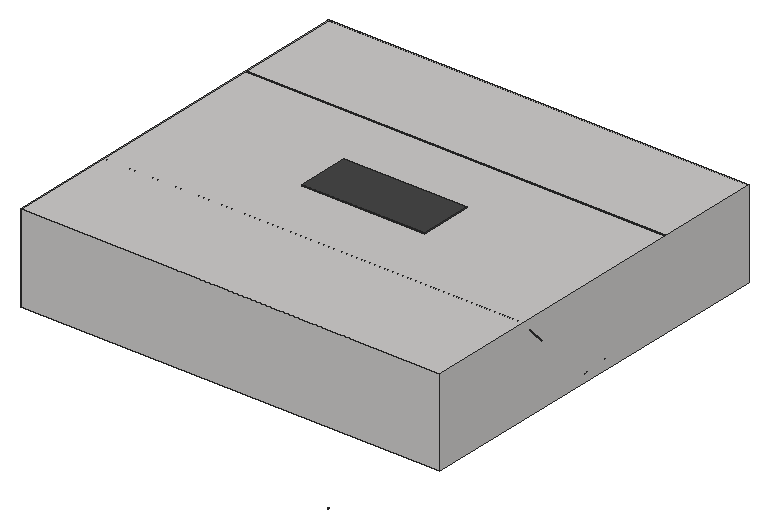
Revit family "QF_ELECTROLUXPROFESSIONAL_642044_EC2224T", category Specialty Equipment, Revit 2014
Reference planes
  plane 1: z = 0
  plane 2 "Center (Left/Right)": x = 150
  plane 3 "LEFT": x = -1050
  plane 4 "RIGHT": x = 1350
  plane 5 "BACK": y = 550
  plane 6 "TOP": z = 2500
  plane 7 "Base": z = 2000
  plane 8: z = 1946
  plane 9: x = -1047
  plane 10 "DrainX": x = 1199
  plane 11 "AOLeft2": x = 500
  plane 12: x = 1347
  plane 13: x = -850
  plane 14: x = 1150
  plane 15: x = 50
  plane 16: x = 250
  plane 17 "AOLeft1": x = -200
  plane 18: y = -400
  plane 19: through (0, -127.846, 2402.468) normal (0, -0.753, 0.6581)
  plane 20: through (0, -972.152, 2402.468) normal (0, -0.753, -0.6581)
  plane 21: y = -700
  plane 22 "Center (Front/Back)": y = -550
  plane 23: y = -1650
Forms (mm)
  Extrusion 1, solid, material "QF_Finishes_Stainless Steel"
    sketch origin (-1050, 0, 360) x (0, 1, 0) y (0, 0, 1)
      loop
        line (550, 1640) -> (550, 2140) -> (-1650, 2140) -> (-1650, 1640) -> (550, 1640)
    from 0 to 3
  Extrusion 2, solid, material "QF_Finishes_Stainless Steel"
    sketch origin (1350, 0, 360) x (0, 1, 0) y (0, 0, 1)
      loop
        line (550, 1640) -> (550, 2140) -> (-1650, 2140) -> (-1650, 1640) -> (550, 1640)
    from 0 to -3
  Extrusion 3, solid, material "QF_Finishes_Stainless Steel"
    sketch origin (150, 0, 360) x (0, 1, 0) y (0, 0, 1)
      loop
        line (-1650, 2140) -> (-1650, 1640) -> (-1640, 1640) -> (-1640, 1640.8) -> (-1649.2, 1640.8) -> (-1649.2, 2139.19) -> (549.2, 2139.19) -> (549.2, 1640.8) -> (540, 1640.8) -> (540, 1640) -> (550, 1640) -> (550, 2140) -> (-1650, 2140)
    from -1200 to 1200
  Extrusion 4, solid, material "QF_Finishes_Black"
    sketch origin (0, 0, 2500) x (0, 1, 0) y (-1, 0, 0)
      loop
        line (-400, -500) -> (-400, 200) -> (-700, 200) -> (-700, -500) -> (-400, -500)
    from 5 to 0
  Extrusion 5, solid, material "QF_Finishes_Stainless Steel"
    sketch origin (0, 0, 0) x (1, 0, 0) y (0, 1, 0)
      loop
        line (-1050, 550) -> (-1050, 549) -> (-1049, 549) -> (-1049, 550) -> (-1050, 550)
    from 0 to 1
  Extrusion 6, solid, material "QF_Finishes_Stainless Steel"
    sketch origin (150, -400, 360) x (0, 1, 0) y (0, 0, 1)
      loop
        line (-79.471, 1685.734) -> (-56.882, 1665.992) -> (272.154, 2042.468) -> (249.566, 2062.21) -> (-79.471, 1685.734)
      loop
        line (-572.152, 2042.468) -> (-243.115, 1665.992) -> (-220.526, 1685.734) -> (-549.563, 2062.21) -> (-572.152, 2042.468)
    from -1000 to -1197
  Extrusion 7, solid, material "QF_Finishes_Stainless Steel"
    sketch origin (150, -400, 360) x (0, 1, 0) y (0, 0, 1)
      loop
        line (360.354, 2141.454) -> (357.903, 2143.511) -> (264.331, 2031.996) -> (266.169, 2030.453) -> (357.41, 2139.19) -> (358.454, 2139.19) -> (360.354, 2141.454)
      loop
        line (-560.354, 2022.279) -> (-557.903, 2024.336) -> (-564.331, 2031.996) -> (-566.169, 2030.453) -> (-657.41, 2139.19) -> (-658.454, 2139.19) -> (-560.354, 2022.279)
      loop
        arc (-83.944, 1704.554) -> (-84.545, 1704.706) -> (-85.077, 1704.389) r 0.81
        line (-85.077, 1704.389) -> (-99.535, 1684.991) -> (-116.611, 1687.002) -> (-113.609, 1712.615) -> (-114.407, 1712.708) -> (-117.406, 1687.095)
        arc (-117.406, 1687.095) -> (-117.237, 1686.499) -> (-116.695, 1686.197) r 0.81
        line (-116.695, 1686.197) -> (-99.628, 1684.196)
        arc (-99.628, 1684.196) -> (-99.213, 1684.257) -> (-98.884, 1684.517) r 0.81
        line (-98.884, 1684.517) -> (-84.436, 1703.911) -> (-73.692, 1695.919) -> (-99.855, 1660.79) -> (-200.145, 1660.79) -> (-226.308, 1695.919) -> (-215.564, 1703.911) -> (-201.116, 1684.517)
        arc (-201.116, 1684.517) -> (-200.787, 1684.257) -> (-200.372, 1684.196) r 0.81
        line (-200.372, 1684.196) -> (-183.305, 1686.197)
        arc (-183.305, 1686.197) -> (-182.763, 1686.499) -> (-182.594, 1687.095) r 0.81
        line (-182.594, 1687.095) -> (-185.593, 1712.708) -> (-186.391, 1712.615) -> (-183.389, 1687.002) -> (-200.465, 1684.991) -> (-214.923, 1704.389)
        arc (-214.923, 1704.389) -> (-215.455, 1704.706) -> (-216.056, 1704.554) r 0.81
        line (-216.056, 1704.554) -> (-226.786, 1696.561)
        arc (-226.786, 1696.561) -> (-227.103, 1696.028) -> (-226.951, 1695.427) r 0.81
        line (-226.951, 1695.427) -> (-200.843, 1660.381)
        arc (-200.843, 1660.381) -> (-200.5, 1660.093) -> (-200.063, 1659.99) r 0.972
        line (-200.063, 1659.99) -> (-99.951, 1659.99)
        arc (-99.951, 1659.99) -> (-99.502, 1660.096) -> (-99.149, 1660.393) r 1
        line (-99.149, 1660.393) -> (-73.049, 1695.427)
        arc (-73.049, 1695.427) -> (-72.897, 1696.028) -> (-73.214, 1696.561) r 0.81
        line (-73.214, 1696.561) -> (-83.944, 1704.554)
    from -1197 to 1197
  Extrusion 8, solid, material "QF_Finishes_Stainless Steel"
    sketch origin (150, -400, 360) x (0, 1, 0) y (0, 0, 1)
      loop
        line (272.154, 2042.468) -> (249.566, 2062.21) -> (-79.471, 1685.734) -> (-56.882, 1665.992) -> (272.154, 2042.468)
      loop
        line (-572.154, 2042.468) -> (-243.118, 1665.992) -> (-220.529, 1685.734) -> (-549.566, 2062.21) -> (-572.154, 2042.468)
    from 1197 to 1000
  Extrusion 9, solid, material "QF_Finishes_Stainless Steel"
    sketch origin (150, -400, 360) x (0, 1, 0) y (0, 0, 1)
      loop
        line (272.154, 2042.468) -> (249.566, 2062.21) -> (-79.471, 1685.734) -> (-56.882, 1665.992) -> (272.154, 2042.468)
      loop
        line (-572.154, 2042.468) -> (-243.118, 1665.992) -> (-220.529, 1685.734) -> (-549.566, 2062.21) -> (-572.154, 2042.468)
    from -100 to 100
  Extrusion 10, solid, material "QF_Finished_Chrome"
    sketch origin (150, -400, 360) x (0, 1, 0) y (0, 0, 1)
      loop
        line (249.566, 2062.21) -> (-79.471, 1685.734) -> (-56.882, 1665.992) -> (272.154, 2042.468) -> (249.566, 2062.21)
      loop
        line (-549.566, 2062.21) -> (-572.154, 2042.468) -> (-243.118, 1665.992) -> (-220.529, 1685.734) -> (-549.566, 2062.21)
    from -1000 to -100
  Extrusion 11, solid, material "QF_Finished_Chrome"
    sketch origin (150, -400, 360) x (0, 1, 0) y (0, 0, 1)
      loop
        line (272.154, 2042.468) -> (249.566, 2062.21) -> (-79.471, 1685.734) -> (-56.882, 1665.992) -> (272.154, 2042.468)
      loop
        line (-572.154, 2042.468) -> (-243.118, 1665.992) -> (-220.529, 1685.734) -> (-549.566, 2062.21) -> (-572.154, 2042.468)
    from 100 to 1000
  Sweep 12, solid, material "QF_Finishes_Stainless Steel"
    path origin (0, 0, 0) x (1, 0, 0) y (0, 1, 0)
      loop
        line (1350, 550) -> (-1050, 550) -> (-1050, -1650) -> (1350, -1650) -> (1350, 550)
    profile origin (1350, -550, 0) x (1, 0, 0) y (0, 0, 1)
      loop
        line (-3, 2000) -> (-3, 2000.8) -> (-19, 2000.8) -> (-19, 2010) -> (-20, 2010) -> (-20, 2000) -> (-3, 2000)
  Extrusion 13, solid, material "QF_Finishes_Stainless Steel"
    sketch origin (1199, 0, 0) x (0, 1, 0) y (0, 0, 1)
      loop
        arc (-518.5, 1946) -> (-511.429, 1948.929) -> (-508.5, 1956) r 10
        line (-508.5, 1956) -> (-508.5, 2000.8) -> (-591.5, 2000.8) -> (-591.5, 1956)
        arc (-591.5, 1956) -> (-588.571, 1948.929) -> (-581.5, 1946) r 10
        line (-581.5, 1946) -> (-518.5, 1946)
    from -90 to 90
  Extrusion 14, solid, material "QF_Finishes_Stainless Steel"
    sketch origin (0, -1100, 2000) x (0, 1, 0) y (-1, 0, 0)
      loop
        circle (550, -1199) r 6.35
    from -3.799 to 0
Cuts and joins
  joined: Extrusion 2, Extrusion 3, Sweep 12
Lines and regions (mm)
  symbolic lines, style "SpecialityEquipment", detail levels coarse
    curve 1: line (1350, 550, 2500) -> (-1050, 550, 2500)
    curve 2: line (-1050, 550, 2500) -> (-1050, -1640, 2500)
    curve 3: line (1350, -1650, 2500) -> (1350, 550, 2500)
    curve 4: line (-1050, 550, 0) -> (1350, -1650, 0)
    curve 5: line (1350, 550, 0) -> (-1047, -1650, 0)
  symbolic lines, detail levels coarse
    curve 6: line (-1047, -1650, 0) -> (1350, -1650, 0)
    curve 7: line (-200, -700, 0) -> (500, -700, 0)
    curve 8: line (-200, -400, 0) -> (-200, -700, 0)
    curve 9: line (500, -400, 0) -> (-200, -400, 0)
    curve 10: line (500, -700, 0) -> (500, -400, 0)
    curve 11: line (-1047, -660.798, 0) -> (1347, -660.798, 0)
Dimensions and locks
  plane 3 "LEFT" to plane 4 "RIGHT" = 2400 mm
  equal spacing: plane 3 "LEFT", plane 2 "Center (Left/Right)", plane 4 "RIGHT"
  plane 3 "LEFT" to plane 9 = 3 mm
  plane 10 "DrainX" to plane 4 "RIGHT" = 151 mm
  plane 12 to plane 4 "RIGHT" = 3 mm
  plane 3 "LEFT" to plane 13 = 200 mm
  plane 14 to plane 4 "RIGHT" = 200 mm
  locked: plane 7 "Base" to level at 2000
  locked: plane 15 to plane 16 at 200
  equal spacing: plane 15, plane 2 "Center (Left/Right)", plane 16
  locked: plane 17 "AOLeft1" to plane 11 "AOLeft2" at 700
  plane 7 "Base" to plane 8 = 54 mm
  locked: plane 6 "TOP" to plane 7 "Base" at 500
  plane 5 "BACK" to plane 23 = 2200 mm  (x2)
  equal spacing: plane 5 "BACK", plane 22 "Center (Front/Back)", plane 23
  plane 21 to plane 18 = 300 mm
  equal spacing: plane 21, plane 22 "Center (Front/Back)", plane 18
  equal spacing: plane 17 "AOLeft1", plane 2 "Center (Left/Right)", plane 11 "AOLeft2"
  aligned and locked: level to plane 1
  aligned and locked: plane 4 "RIGHT" to Extrusion 3
  aligned and locked: Extrusion 3 to plane 3 "LEFT"
  aligned and locked: Extrusion 6 to plane 9
  aligned and locked: plane 13 to Extrusion 6
  aligned and locked: Extrusion 2 to plane 12
  aligned and locked: plane 12 to Extrusion 8
  aligned and locked: plane 14 to Extrusion 8
  aligned and locked: plane 16 to Extrusion 9
  aligned and locked: Extrusion 9 to plane 15
  aligned and locked: plane 15 to Extrusion 10
  aligned and locked: Extrusion 10 to plane 13
  aligned and locked: Extrusion 11 to plane 16
  aligned and locked: Extrusion 11 to plane 14
  aligned and locked: Extrusion 7 to plane 9
  aligned and locked: Extrusion 7 to plane 12
  aligned and locked: Extrusion 4 to plane 17 "AOLeft1"
  aligned and locked: Extrusion 4 to plane 11 "AOLeft2"
  aligned and locked: plane 21 to Extrusion 4
  aligned and locked: plane 18 to Extrusion 4
  aligned and locked: curve 7 to Extrusion 4
  aligned and locked: curve 8 to Extrusion 4
  aligned and locked: curve 9 to Extrusion 4
  aligned and locked: curve 10 to Extrusion 4
Automatic sketch dimensions
  Extrusion 1 sketch curve to plane 7 "Base" = 0 mm
  Extrusion 1 sketch curve to plane 5 "BACK" = 0 mm
  Extrusion 1 sketch curve to plane 6 "TOP" = 0 mm
  Extrusion 2 sketch curve to plane 7 "Base" = 0 mm
  Extrusion 2 sketch curve to plane 5 "BACK" = 0 mm
  Extrusion 2 sketch curve to plane 6 "TOP" = 0 mm
  Extrusion 3 sketch curve to plane 6 "TOP" = 0 mm
  Extrusion 3 sketch curve to plane 7 "Base" = 0 mm  (x2)
  Extrusion 3 sketch curve to plane 5 "BACK" = 0 mm
  Extrusion 3 sketch curve to Extrusion 3 sketch curve = 9.2 mm
  plane 7 "Base" to Extrusion 3 sketch curve = 0.8 mm  (x2)
  Extrusion 3 sketch curve to plane 5 "BACK" = 10 mm
  Extrusion 3 sketch curve to plane 5 "BACK" = 0.8 mm
  Extrusion 3 sketch curve to plane 6 "TOP" = 0.81 mm
  Extrusion 4 sketch curve to plane 11 "AOLeft2" = 0 mm
  Extrusion 4 sketch curve to plane 17 "AOLeft1" = 0 mm
  Extrusion 5 sketch curve to plane 3 "LEFT" = 0 mm
  Extrusion 5 sketch curve to plane 5 "BACK" = 0 mm
  plane 3 "LEFT" to Extrusion 5 sketch curve = 1 mm
  Extrusion 5 sketch curve to Extrusion 5 sketch curve = 1 mm
  Sweep 12 sketch curve to plane 3 "LEFT" = 0 mm
  Sweep 12 sketch curve to plane 4 "RIGHT" = 0 mm
  Sweep 12 sketch curve to plane 5 "BACK" = 0 mm
  profile plane to Sweep 12 sketch curve = 20 mm
  Sweep 12 sketch curve to Sweep 12 sketch curve = 1 mm
  profile plane to Sweep 12 sketch curve = 3 mm
  level to Sweep 12 sketch curve = 2000 mm
  Sweep 12 sketch curve to Sweep 12 sketch curve = 0.8 mm
  Sweep 12 sketch curve to Sweep 12 sketch curve = 9.2 mm
  Extrusion 3 sketch curve to Extrusion 3 sketch curve = 0.8 mm
  Extrusion 6 sketch curve to plane 19 = 0 mm  (x2)
  Extrusion 6 sketch curve to plane 6 "TOP" = 77.79 mm  (x2)
  plane 7 "Base" to Extrusion 6 sketch curve = 25.992 mm  (x2)
  plane 7 "Base" to Extrusion 6 sketch curve = 45.734 mm
  Extrusion 6 sketch curve to plane 20 = 0 mm
  plane 20 to Extrusion 6 sketch curve = 0 mm
  Extrusion 10 sketch curve to plane 19 = 0 mm  (x2)
  Extrusion 10 sketch curve to plane 6 "TOP" = 77.79 mm  (x2)
  Extrusion 10 sketch curve to Extrusion 10 sketch curve = 22.589 mm
  plane 7 "Base" to Extrusion 10 sketch curve = 25.992 mm  (x2)
  Extrusion 9 sketch curve to plane 19 = 0 mm  (x2)
  Extrusion 9 sketch curve to plane 6 "TOP" = 77.79 mm  (x2)
  Extrusion 9 sketch curve to Extrusion 9 sketch curve = 22.589 mm
  plane 7 "Base" to Extrusion 9 sketch curve = 25.992 mm  (x2)
  Extrusion 11 sketch curve to plane 19 = 0 mm  (x2)
  Extrusion 11 sketch curve to plane 6 "TOP" = 77.79 mm  (x2)
  Extrusion 11 sketch curve to Extrusion 11 sketch curve = 22.589 mm
  plane 7 "Base" to Extrusion 11 sketch curve = 25.992 mm  (x2)
  Extrusion 8 sketch curve to plane 19 = 0 mm  (x2)
  Extrusion 8 sketch curve to plane 6 "TOP" = 77.79 mm  (x2)
  Extrusion 8 sketch curve to Extrusion 8 sketch curve = 22.589 mm
  plane 7 "Base" to Extrusion 8 sketch curve = 25.992 mm  (x2)
  plane 7 "Base" to Extrusion 8 sketch curve = 45.734 mm
  plane 7 "Base" to Extrusion 9 sketch curve = 45.734 mm
  plane 7 "Base" to Extrusion 10 sketch curve = 45.734 mm
  plane 7 "Base" to Extrusion 11 sketch curve = 45.734 mm
  plane 21 to Extrusion 1 sketch curve = 950 mm
  plane 21 to Extrusion 2 sketch curve = 950 mm
  plane 21 to Extrusion 3 sketch curve = 940 mm
  plane 21 to Sweep 12 sketch curve = 950 mm
  plane 21 to Extrusion 4 sketch curve = 0 mm
  Extrusion 4 sketch curve to plane 18 = 0 mm
  plane 21 to Extrusion 6 sketch curve = 249.563 mm
  Extrusion 8 sketch curve to plane 21 = 79.471 mm
  plane 21 to Extrusion 8 sketch curve = 249.566 mm
  Extrusion 9 sketch curve to plane 21 = 79.471 mm
  plane 21 to Extrusion 9 sketch curve = 249.566 mm
  Extrusion 10 sketch curve to plane 21 = 79.471 mm
  plane 21 to Extrusion 10 sketch curve = 249.566 mm
  Extrusion 11 sketch curve to plane 21 = 79.471 mm
  plane 21 to Extrusion 11 sketch curve = 249.566 mm
  Extrusion 14 sketch curve to plane 10 "DrainX" = 0 mm
  Extrusion 14 sketch curve to plane 22 "Center (Front/Back)" = 0 mm
  Extrusion 13 sketch curve to plane 8 = 0 mm
  plane 8 to Extrusion 13 sketch curve = 10 mm
  Extrusion 13 sketch curve to plane 22 "Center (Front/Back)" = 41.5 mm
  plane 22 "Center (Front/Back)" to Extrusion 13 sketch curve = 31.5 mm
  plane 7 "Base" to Extrusion 13 sketch curve = 0.8 mm
  plane 22 "Center (Front/Back)" to Extrusion 13 sketch curve = 41.5 mm
  Extrusion 7 sketch curve to plane 6 "TOP" = 0.81 mm  (x2)
  plane 21 to Extrusion 7 sketch curve = 358.454 mm
  Extrusion 7 sketch curve to Extrusion 7 sketch curve = 1.044 mm  (x2)
  Extrusion 7 sketch curve to plane 6 "TOP" = 109.547 mm  (x2)
  Extrusion 7 sketch curve to Extrusion 7 sketch curve = 91.241 mm
  Extrusion 7 sketch curve to plane 6 "TOP" = 108.004 mm  (x2)
  Extrusion 7 sketch curve to plane 6 "TOP" = 117.721 mm
  Extrusion 7 sketch curve to plane 21 = 73.049 mm
  Extrusion 7 sketch curve to Extrusion 7 sketch curve = 0.166 mm
  Extrusion 7 sketch curve to Extrusion 7 sketch curve = 0.478 mm  (x4)
  Extrusion 7 sketch curve to Extrusion 7 sketch curve = 0.006 mm  (x4)
  Extrusion 7 sketch curve to Extrusion 7 sketch curve = 10.73 mm  (x2)
  Extrusion 7 sketch curve to Extrusion 7 sketch curve = 0.484 mm  (x4)
  Extrusion 7 sketch curve to Extrusion 7 sketch curve = 0.008 mm  (x4)
  Extrusion 7 sketch curve to Extrusion 7 sketch curve = 0.641 mm  (x2)
  Extrusion 7 sketch curve to Extrusion 7 sketch curve = 14.448 mm
  plane 7 "Base" to Extrusion 7 sketch curve = 20.381 mm
  Extrusion 7 sketch curve to Extrusion 7 sketch curve = 0.273 mm
  Extrusion 7 sketch curve to Extrusion 7 sketch curve = 0.65 mm  (x2)
  Extrusion 7 sketch curve to Extrusion 7 sketch curve = 0.001 mm  (x4)
  Extrusion 7 sketch curve to Extrusion 7 sketch curve = 0.093 mm  (x2)
  plane 7 "Base" to Extrusion 7 sketch curve = 20.79 mm
  Extrusion 7 sketch curve to Extrusion 7 sketch curve = 0.698 mm
  Extrusion 7 sketch curve to Extrusion 7 sketch curve = 0.081 mm
  Extrusion 7 sketch curve to Extrusion 7 sketch curve = 28.531 mm
  Extrusion 7 sketch curve to Extrusion 7 sketch curve = 0.799 mm  (x2)
  Extrusion 7 sketch curve to Extrusion 7 sketch curve = 17.067 mm  (x2)
  Extrusion 7 sketch curve to Extrusion 7 sketch curve = 0.01 mm  (x4)
  Extrusion 7 sketch curve to Extrusion 7 sketch curve = 0.094 mm
  Extrusion 7 sketch curve to Extrusion 7 sketch curve = 0.795 mm  (x2)
  plane 22 "Center (Front/Back)" to Extrusion 7 sketch curve = 32.594 mm
  Extrusion 7 sketch curve to Extrusion 7 sketch curve = 0.71 mm
  Extrusion 7 sketch curve to Extrusion 7 sketch curve = 2.998 mm
  Extrusion 7 sketch curve to Extrusion 7 sketch curve = 16.745 mm
  Extrusion 7 sketch curve to Extrusion 7 sketch curve = 0.095 mm
  plane 7 "Base" to Extrusion 7 sketch curve = 20.393 mm
  Extrusion 7 sketch curve to Extrusion 7 sketch curve = 0.707 mm
  Extrusion 7 sketch curve to Extrusion 7 sketch curve = 0.651 mm
  Extrusion 7 sketch curve to Extrusion 7 sketch curve = 14.456 mm
  plane 18 to Extrusion 7 sketch curve = 264.331 mm
  plane 6 "TOP" to Extrusion 7 sketch curve = 3.511 mm
  Extrusion 7 sketch curve to Extrusion 7 sketch curve = 0.8 mm
  Extrusion 7 sketch curve to Extrusion 7 sketch curve = 23.206 mm
  Extrusion 7 sketch curve to Extrusion 7 sketch curve = 23.234 mm
  Extrusion 7 sketch curve to Extrusion 7 sketch curve = 0.321 mm  (x2)
  Extrusion 7 sketch curve to Extrusion 7 sketch curve = 2.001 mm  (x2)
  Extrusion 7 sketch curve to Extrusion 7 sketch curve = 0.804 mm  (x2)
  Extrusion 7 sketch curve to Extrusion 7 sketch curve = 10.911 mm  (x2)
  Extrusion 7 sketch curve to Extrusion 7 sketch curve = 7.993 mm  (x2)
  Extrusion 7 sketch curve to Extrusion 7 sketch curve = 25.613 mm  (x2)
  Extrusion 7 sketch curve to Extrusion 7 sketch curve = 1.839 mm
  curve 4 to plane 3 "LEFT" = 0 mm
  curve 6 to plane 9 = 0 mm
  curve 11 to plane 9 = 0 mm
  curve 11 to plane 12 = 0 mm
  curve 6 to plane 4 "RIGHT" = 0 mm
  curve 5 to plane 4 "RIGHT" = 0 mm
  curve 4 to plane 23 = 0 mm
  curve 4 to plane 5 "BACK" = 0 mm
  curve 5 to plane 5 "BACK" = 0 mm
  curve 11 to plane 21 = 39.202 mm
  curve 3 to plane 4 "RIGHT" = 0 mm
  curve 3 to plane 23 = 0 mm
  curve 2 to plane 3 "LEFT" = 0 mm
  curve 2 to plane 5 "BACK" = 0 mm
  plane 23 to curve 2 = 10 mm
  radius of Extrusion 14 sketch curve = 6.35 mm
Connectors
  hvac at (150, -550, 2505)
    settings: on Extrusion 4, index 2, duct flow 0.0 L/s, flow factor 0, pres drop 0.0 Pa, loss coef 0, conn angle 0.00°, conn width 300 mm, conn height 700 mm, conn diameter 609.6 mm, duct sys type 3, conn prof type 1, flow config 1, flow direction 2, loss method 0, conn ref index -1, conn util no, is conn primary yes, conn desc "EXHAUST OUTLET"
  piping at (1199, -550, 1996.201), diameter 12.7
    settings: on Extrusion 14, index 4, connector inside diameter 609.6 mm, connector length 0 mm, flow factor 0, pipe flow 0.0 L/s, pressure drop 0.0 Pa, fitting loss kfactor 0, connector angle 0.00°, fixture units 0, engagement length 0 mm, angle of deflection 0.00°, flow configuration 1, flow direction 2, fitting loss method 0, system type 16, joint type 0, gender type 0, connector reference index -1, connector utility 0, adjustable connector no, is connector primary yes, connector description "Drain"
